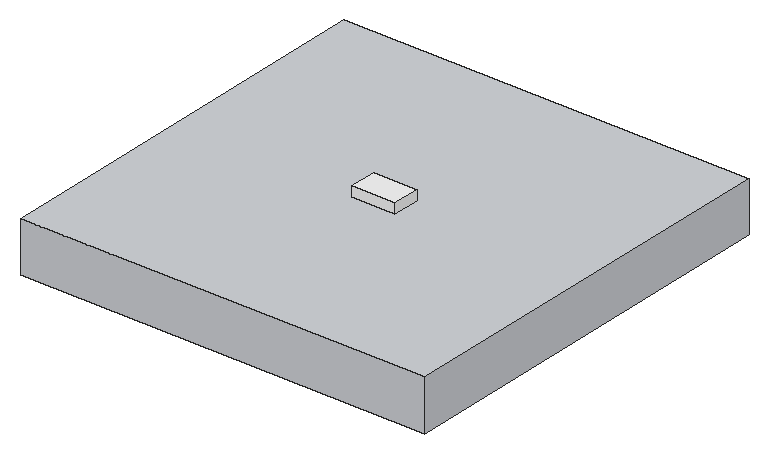
Revit family "URA_Eclairage_de_Securite_URAPROOF", category Luminaires, Revit 2020
Family settings
  Hôte = Face
  Cote de connecteur circulaire = Utiliser le diamètre
  Type d'élément = Normal
  Couper avec des vides une fois chargée = Non
  Source d'éclairage = Oui
  Partagée = Non
  Point de calcul de pièce = Non
Parameters (values of type "BAES URAPROOF AMB ADR 66")
  VIS ANTIVANDALES URAPROOF [instance] = yes
  built-in parameter 1150107 = 3000 (stored number, unit not read)
  TYPE_DE_TENSION = "CA"
  TYPE_DE_MONTAGE = "pose murale en saillie"
  TYPE_DE_COMMUTATION = "mode veille"
  TENSION_NOMINALE_(MIN) = "207"
  TENSION_NOMINALE_(MAX) = "253"
  SOURCE_LUMINEUSE = "LED non interchangeable"
  RESERVE_DE_MARCHE = "1"
  REF_BATTERIE_DE_RECHANGE = "111904+111905"
  REFERENCE_VIS ANTIVANDALES [instance] = if(VIS ANTIVANDALES URAPROOF, 112802, 0)  # 112802
  REFERENCE_GRILLE [instance] = if(NOMBRE_GRILLE = 1, if(GRILLE BAES & LSC  URALIFE, 950305, 956325), 0)  # 956325
  REFERENCE_ARTICLE = 117429
  Wattage = 9.2903 W
  built-in parameter 1150110 = 1 (stored number, unit not read)
  built-in parameter 1150109 = 1 (stored number, unit not read)
  built-in parameter 1114218 = 1 (stored number, unit not read)
  built-in parameter 1150113 = 1 (stored number, unit not read)
  built-in parameter 1150112 = 1 (stored number, unit not read)
  PUISSANCE_DE_LA_LAMPE = "6.6"
  PROFONDEUR_D'ENCASTREMENT = ""
  NOMBRE_GRILLE [instance] = if(GRILLE BAES & LSC  URALIFE, 1, 0) + if(GRILLE BAES & LSC  FLUO 18W, 1, 0)  # 1
  built-in parameter 1150137 = (empty or 0)
  built-in parameter 1150132 = 2
  MATERIAU_DU_COUVERCLE = "plastique transparent"
  MATERIAU_DU_BOITIER = "plastique"
  LONGUEUR_D'ENCASTREMENT = ""
  LONGUEUR = "261"
  LARGEUR_DE_MONTAGE = ""
  LARGEUR = "164"
  built-in parameter 1150105 = 109.82 (stored number, unit not read)
  built-in parameter 1150102 = (empty or 0)
  INSTALLATION_DE_SURVEILLANCE = "auto-test automatique"
  HAUTEUR/PROFONDEUR = "57"
  Dimming Lamp Color Temperature Shift = (empty or 0)
  GRILLE BAES & LSC  URALIFE [instance] = no
  GRILLE BAES & LSC  FLUO 18W [instance] = yes
  Lumens = 1380 lm
  Color Filter = 16777215
  Fichier de distribution photométrique = "generic"
  built-in parameter 1114217 = 1 (stored number, unit not read)
  built-in parameter 1150139 = (empty or 0)
  FORMAT_PRODUIT = "rectangle"
  FONCTION = "Amb"
  FLUX_LUMINEUX_EN_MODE_D'URGENCE = "400"
  FLUX_LUMINEUX_EFFICACE = ""
  Default Elevation = 1219.2 mm
  built-in parameter 1150104 = 13.8 (stored number, unit not read)
  built-in parameter 1150106 = 1.0982 (stored number, unit not read)
  ETAT_DES_ACCUS = "NiMh"
  built-in parameter 1150115 = 1 (stored number, unit not read)
  built-in parameter 1150114 = 1 (stored number, unit not read)
  DUREE_DE_GARANTIE_BAES_COMPLET = "4"
  DISTANCE_DE_RECONNAISSANCE = "15"
  DIAMETRE_EXTERNE = ""
  DIAMETRE_D'ENCASTREMENT = ""
  DESIGNATION_VIS ANTIVANDALES [instance] = if(REFERENCE_VIS ANTIVANDALES > 0, "VIS ANTIVANDALES URAPROOF", "0")  # "VIS ANTIVANDALES URAPROOF"
  DESIGNATION_GRILLE [instance] = if(NOMBRE_GRILLE = 1, if(GRILLE BAES & LSC  URALIFE, "GRILLE BAES & LSC  URALIFE", "GRILLE BAES & LSC  FLUO 18W"), "0")  # "GRILLE BAES & LSC  FLUO 18W"
  DESIGNATION_ARTICLE = "BAES URAPROOF AMB ADR 66"
  built-in parameter 1150138 = (empty or 0)
  built-in parameter 1150134 = (empty or 0)
  Condition Générale d'Utilisation = "https://export.legrand.com/CGU-objets-BIM"
  COULEUR_DU_BOITIER = "blanc"
  CLASSE_DE_PROTECTION_(IP) = "IP66"
  CLASSE_DE_PROTECTION = "II"
  CATEGORIE_PRODUIT = "Autonome"
  built-in parameter 1150142 = (empty or 0)
  Angle de l'inclinaison = 60.00°
  ALIMENTATION = "décentralisé (batterie individuelle)"
  ADAPTE_AU_TYPE_DE_MARQUAGE = ""
  built-in parameter 1150133 = 10 (stored number, unit not read)
Types (16, lengths in mm): name | TYPE_DE_TENSION | TYPE_DE_COMMUTATION | TENSION_NOMINALE_(MIN) | TENSION_NOMINALE_(MAX) | SOURCE_LUMINEUSE | RESERVE_DE_MARCHE | REF_BATTERIE_DE_RECHANGE | REFERENCE_ARTICLE | PUISSANCE_DE_LA_LAMPE | MATERIAU_DU_COUVERCLE | MATERIAU_DU_BOITIER | LONGUEUR_D'ENCASTREMENT | LONGUEUR | LARGEUR_DE_MONTAGE | LARGEUR | INSTALLATION_DE_SURVEILLANCE | HAUTEUR/PROFONDEUR | FORMAT_PRODUIT | FONCTION | FLUX_LUMINEUX_EN_MODE_D'URGENCE | ETAT_DES_ACCUS | DUREE_DE_GARANTIE_BAES_COMPLET | DISTANCE_DE_RECONNAISSANCE | DIAMETRE_EXTERNE | DESIGNATION_ARTICLE | COULEUR_DU_BOITIER | CLASSE_DE_PROTECTION_(IP) | CLASSE_DE_PROTECTION | CATEGORIE_PRODUIT | ALIMENTATION | ADAPTE_AU_TYPE_DE_MARQUAGE
  BAES URAPROOF EVAC S.SATI 55 | "CA" | "mode veille" | "207" | "253" | "LED non interchangeable" | "1" | "111903" | 117318 | "0.6" | "plastique transparent" | "plastique" | "" | "239" | "" | "118" | "auto-test automatique" | "55" | "rectangle" | "Evac" | "45" | "NiCd" | "4" | "15" | "" | "BAES URAPROOF EVAC S.SATI 55" | "blanc" | "IP55" | "II" | "Autonome" | "décentralisé (batterie individuelle)" | "autocollant"
  BAES URAPROOF EVAC ADR 55 | "CA" | "mode veille" | "207" | "253" | "LED non interchangeable" | "1" | "111903" | 117319 | "0.6" | "plastique transparent" | "plastique" | "" | "239" | "" | "118" | "auto-test automatique" | "55" | "rectangle" | "Evac" | "45" | "NiCd" | "4" | "15" | "" | "BAES URAPROOF EVAC ADR 55" | "blanc" | "IP55" | "II" | "Autonome" | "décentralisé (batterie individuelle)" | "autocollant"
  BAES URAPROOF EVAC S.SATI 66 | "CA" | "mode veille" | "207" | "253" | "LED non interchangeable" | "1" | "111903" | 117418 | "0.6" | "plastique transparent" | "plastique" | "" | "239" | "" | "118" | "auto-test automatique" | "55" | "rectangle" | "Evac" | "45" | "NiCd" | "4" | "15" | "" | "BAES URAPROOF EVAC S.SATI 66" | "blanc" | "IP66" | "II" | "Autonome" | "décentralisé (batterie individuelle)" | "autocollant"
  BAES URAPROOF EVAC ADR 66 | "CA" | "mode veille" | "207" | "253" | "LED non interchangeable" | "1" | "111903" | 117419 | "0.6" | "plastique transparent" | "plastique" | "" | "239" | "" | "118" | "auto-test automatique" | "55" | "rectangle" | "Evac" | "45" | "NiCd" | "4" | "15" | "" | "BAES URAPROOF EVAC ADR 66" | "blanc" | "IP66" | "II" | "Autonome" | "décentralisé (batterie individuelle)" | "autocollant"
  BAES URAPROOF AMB S.SATI 66 | "CA" | "mode veille" | "207" | "253" | "LED non interchangeable" | "1" | "111904+111905" | 117428 | "4" | "plastique transparent" | "plastique" | "" | "261" | "" | "164" | "auto-test automatique" | "57" | "rectangle" | "Amb" | "400" | "NiMh" | "4" | "15" | "" | "BAES URAPROOF AMB S.SATI 66" | "blanc" | "IP66" | "II" | "Autonome" | "décentralisé (batterie individuelle)" | ""
  BAES URAPROOF AMB ADR 66 | "CA" | "mode veille" | "207" | "253" | "LED non interchangeable" | "1" | "111904+111905" | 117429 | "6.6" | "plastique transparent" | "plastique" | "" | "261" | "" | "164" | "auto-test automatique" | "57" | "rectangle" | "Amb" | "400" | "NiMh" | "4" | "15" | "" | "BAES URAPROOF AMB ADR 66" | "blanc" | "IP66" | "II" | "Autonome" | "décentralisé (batterie individuelle)" | ""
  BAEH URAPROOF ADR 66 | "CA" | "mode veille" | "207" | "253" | "LED non interchangeable" | "5" | "111903" | 117438 | "0.04" | "plastique transparent" | "plastique" | "" | "239" | "" | "118" | "auto-test automatique" | "55" | "rectangle" | "BAEH" | "8" | "NiCd" | "4" | "15" | "" | "BAEH URAPROOF ADR 66" | "blanc" | "IP66" | "II" | "Autonome" | "décentralisé (batterie individuelle)" | "autocollant"
  BAES AMB PERMANENT SATI ADR 66 | "CA" | "mode veille" | "207" | "253" | "LED non interchangeable" | "1" | "111904+111905" | 117439 | "6" | "plastique transparent" | "plastique" | "" | "261" | "" | "164" | "auto-test automatique" | "57" | "rectangle" | "Amb" | "450" | "NiMh" | "2" | "15" | "" | "BAES AMB PERMANENT SATI ADR 66" | "blanc" | "IP66" | "II" | "Autonome" | "décentralisé (batterie individuelle)" | ""
  BAES + BAEH URAPROOF ADR 66 | "CA" | "mode veille" | "207" | "253" | "LED non interchangeable" | "1" | "2*111903" | 117448 | "0.8" | "plastique transparent" | "plastique" | "" | "239" | "" | "118" | "auto-test automatique" | "55" | "rectangle" | "BAES+BAEH" | "45" | "NiCd" | "4" | "15" | "" | "BAES + BAEH URAPROOF ADR 66" | "blanc" | "IP66" | "II" | "Autonome" | "décentralisé (batterie individuelle)" | "autocollant"
  BAES + DBR URAPROOF SATI | "CA" | "mode veille" | "207" | "253" | "LED non interchangeable" | "1" | "111903" | 117457 | "1" | "plastique transparent" | "plastique" | "" | "261" | "" | "164" | "auto-test automatique" | "57" | "rectangle" | "DBR" | "45" | "NiCd" | "4" | "15" | "" | "BAES + DBR URAPROOF SATI" | "blanc" | "IP66" | "II" | "Autonome" | "décentralisé (batterie individuelle)" | "autocollant"
  URAPROOF DBR ADR | "CA" | "circuit permanent/circuit de secours" | "207" | "253" | "LED non interchangeable" | "1" | "111903" | 117459 | "4.5" | "verre transparent" | "plastique" | "" | "261" | "" | "57" | "auto-test automatique" | "164.5" | "rectangle" | "DBR" | "45" | "NiCd" | "4" | "" | "" | "URAPROOF DBR ADR" | "blanc" | "IP55" | "II" | "Autonome" | "central (batterie centrale)" | "autocollant"
  LSC URAPROOF EVAC 110/220/230 | "CA/CC" | "circuit permanent/circuit de secours" | "110" | "230" | "LED non interchangeable" | "" | "" | 127314 | "0.8" | "plastique transparent" | "plastique" | "" | "261.2" | "" | "164.5" | "auto-test automatique" | "57" | "rectangle" | "Evac" | "45" | "non applicable" | "4" | "15" | "" | "LSC URAPROOF EVAC 110/220/230" | "blanc" | "IP55" | "II" | "LSC" | "central (batterie centrale)" | "autocollant"
  LSC URAPROOF EVAC 24/48 IP 66 | "CC" | "circuit permanent/circuit de secours" | "24" | "48" | "LED non interchangeable" | "" | "" | 127215 | "0.8" | "plastique transparent" | "plastique" | "" | "261.2" | "" | "164.5" | "auto-test automatique" | "57" | "rectangle" | "Evac" | "45" | "non applicable" | "4" | "15" | "" | "LSC URAPROOF EVAC 24/48 IP 66" | "blanc" | "IP66" | "II" | "LSC" | "central (batterie centrale)" | "autocollant"
  LSC URAPROOF AMB 110/220/230 | "CA/CC" | "circuit permanent/circuit de secours" | "110" | "230" | "LED non interchangeable" | "" | "" | 127224 | "6.6" | "plastique transparent" | "plastique" | "" | "261.2" | "" | "164.5" | "auto-test automatique" | "57" | "rectangle" | "Amb" | "400" | "non applicable" | "4" | "15" | "" | "LSC URAPROOF AMB 110/220/230" | "blanc" | "IP66" | "II" | "LSC" | "central (batterie centrale)" | ""
  LSC URAPROOF AMB 24/48 | "CC" | "circuit permanent/circuit de secours" | "24" | "48" | "LED non interchangeable" | "" | "" | 127225 | "6.6" | "plastique transparent" | "plastique" | "" | "261.2" | "" | "164.5" | "auto-test automatique" | "57" | "rectangle" | "Amb" | "400" | "non applicable" | "4" | "15" | "" | "LSC URAPROOF AMB 24/48" | "blanc" | "IP66" | "II" | "LSC" | "central (batterie centrale)" | ""
  LSC URAPROOF EVAC 24/48 IP 55 | "blanc" | "LED non interchangeable" | "48" | "non applicable" | "plastique" | "CC" | "rectangle" | 127315 | "" | "" | "57" | "circuit permanent/circuit de secours" | "autocollant" | "central (batterie centrale)" | "II" | "IP55" | "261.2" | "15" | "Evac" | "auto-test automatique" | "plastique transparent" | "4" | "45" | "164.5" | "LSC URAPROOF EVAC 24/48 IP 55" | "0.8" | "24" | "" | "LSC" | "" | ""
Reference planes
  plane 1 "Centre (avant/arrière)": y = 0
  plane 2: z = 0
  plane 3 "Centre (gauche/droite)": x = 0
  plane 4: x = -130.5
  plane 5: y = 82.25
  plane 6: y = -82.25
  plane 7: x = 130.5
Forms (mm)
  Extrusion 1, solid
    sketch origin (0, 0, 0) x (1, 0, 0) y (0, 1, 0)
      loop
        line (-1219.2, 1219.2) -> (-1219.2, -1219.2) -> (1219.2, -1219.2) -> (1219.2, 1219.2) -> (-1219.2, 1219.2)
    from 0 to -304.8
  Extrusion 2, solid, material "Blanc"
    sketch origin (0, 0, 0) x (1, 0, 0) y (0, 1, 0)
      loop
        line (-130.5, 82.25) -> (-130.5, -82.25) -> (130.5, -82.25) -> (130.5, 82.25) -> (-130.5, 82.25)
    from 0 to 57
Dimensions and locks
  equal spacing: plane 4, plane 3 "Centre (gauche/droite)", plane 7
  equal spacing: plane 5, plane 1 "Centre (avant/arrière)", plane 6
  plane 5 to plane 6 = 164.5 mm
  plane 4 to plane 7 = 261 mm
  aligned and locked: plane 2 to Extrusion 1
  aligned and locked: level to Extrusion 1
  aligned and locked: Extrusion 2 sketch curve to plane 5
  aligned and locked: plane 4 to Extrusion 2 sketch curve
  aligned and locked: plane 6 to Extrusion 2 sketch curve
  aligned and locked: Extrusion 2 sketch curve to plane 7
  aligned and locked: plane 3 "Centre (gauche/droite)" to nested 1
  aligned and locked: plane 1 "Centre (avant/arrière)" to nested 1
Automatic sketch dimensions
  Extrusion 1 sketch curve to Extrusion 1 sketch curve = 2438.4 mm  (x2)
Nested families
  nested 1: "1681808_Porte Pictogramme" at (0, 0, 57), type "1681808_Porte Pictogramme"
Connectors
  electrical at (0, 0, 0)
    settings: on Extrusion 2, index 1, voltage 0 V, apparent load 0 VA, apparent load phase1 0 VA, apparent load phase2 0 VA, apparent load phase3 0 VA, power factor 1, load classification "Autre", number of poles 1, system type 31, power factor state 1, is connector primary yes, connector utility no, sub classification motor no, connector description ""
Definition of nested family "1681808_Porte Pictogramme"
  Reference planes
    plane 1 "Centre (avant/arrière)": y = 0
    plane 2: z = 0
    plane 3 "Centre (gauche/droite)": x = 0
  Lines and regions (mm)
    Filled region 1, type "NOIR", in view "Niveau de réf."
      outline origin (0, 0, 0) x (1, 0, 0) y (0, 1, 0)
        loop
          line (103, 52.5) -> (-103, 52.5) -> (-103, -52.5) -> (103, -52.5) -> (103, 52.5)
        loop
          line (98, 47.5) -> (-98, 47.5) -> (-98, -47.5) -> (98, -47.5) -> (98, 47.5)
    model lines, in view "Niveau de réf."
      curve 1: line (103, -52.5, 0) -> (103, 52.5, 0)
      curve 2: line (103, 52.5, 0) -> (-103, 52.5, 0)
      curve 3: line (-103, 52.5, 0) -> (-103, -52.5, 0)
      curve 4: line (-103, -52.5, 0) -> (103, -52.5, 0)
    detail lines, in view "Niveau de réf."
      curve 5: line (98, 47.5, 0) -> (-98, 47.5, 0)
      curve 6: line (-98, 47.5, 0) -> (-98, -47.5, 0)
      curve 7: line (-98, -47.5, 0) -> (98, -47.5, 0)
      curve 8: line (98, -47.5, 0) -> (98, 47.5, 0)
